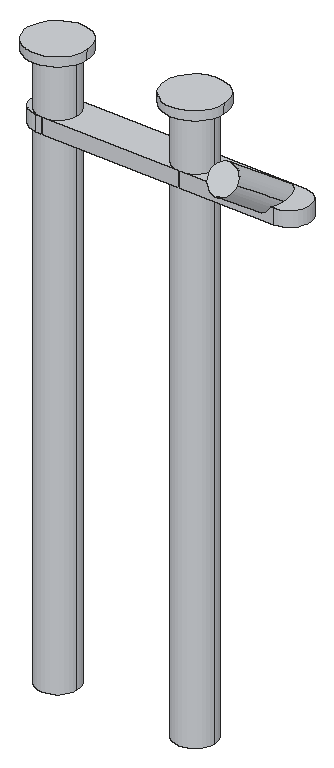
Revit family "Prier C-208", category Plumbing Fixtures, host Face, Revit 2012
Parameters (values of type "1" Inlet")
  Waste Connection = no
  Vent Connection = no
  URL = "http://www.prier.com/content/spec-sheets.html"
  Type Comments = ""
  Model = "C-208"
  Manufacturer = "Prier"
  Inlet Radius = Inlet Size / 2  # 0' - 0 1/2"
  Inlet Size = 1"
  Hydrant Length [instance] = 1' - 0"
  HW Connection = no
  Default Elevation = 2' - 0"
  Code Standards = "ASSE 1019, ASSE 1052, & CUPC"
  Code Listings = "ASSE. CUPC, & IAPMO"
  CW Connection = yes
Types (3): name | Inlet Radius | Inlet Size | HW Connection
  (no name) | 0' - 0 1/2" | 1" | no
  3/4" Outlet | 0' - 0 3/8" | 3/4" | yes
  1" Inlet | 0' - 0 1/2" | 1" | no
Reference planes (in)
  plane 1 "Center (Front/Back)": y = 0
  plane 2: z = 0
  plane 3 "Center (Left/Right)": x = 0
  plane 4 "Hydrant Length": z = -12
  plane 5 "End of Threads": z = -12.75
  plane 6: through (-0.7269, -102.5049, -145.84306) normal (0, -0.8235, 0.5674)
  plane 7: through (-0.7269, -102.5435, -145.81646) normal (0, -0.8235, 0.5674)
  plane 8: through (-0.7269, -102.5821, -145.78987) normal (0, -0.8235, 0.5674)
  plane 9: through (-0.7269, -102.6207, -145.76327) normal (0, -0.8235, 0.5674)
  plane 10: through (-0.7269, -102.6593, -145.73667) normal (0, -0.8235, 0.5674)
  plane 11: through (-0.7269, -102.6979, -145.71008) normal (0, -0.8235, 0.5674)
  plane 12: through (-0.7269, -102.7365, -145.68348) normal (0, -0.8235, 0.5674)
  plane 13: through (-0.7269, -102.7751, -145.65689) normal (0, -0.8235, 0.5674)
  plane 14: through (-0.7269, -102.8137, -145.63029) normal (0, -0.8235, 0.5674)
Forms (in)
  Extrusion 1, solid
    sketch origin (2, 0.48252, 1.73025) x (1, 0, 0) y (0, 0.567368, 0.823464)
      loop
        circle (0, -1.4819) r 0.375
    from -0.78007 to 1.5
  Extrusion 2, solid
    sketch origin (1.125, 0, -2.25) x (-1, 0, 0) y (0, -1, 0)
      loop
        circle (1.125, 0) r 0.5
      loop
        circle (4.625, 0) r 0.5
    from 3.97502 to -10.5
  Extrusion 3, solid
    sketch origin (-1.46281, 0.08771, -2.25) x (-1, 0, 0) y (0, -1, 0)
      loop
        arc (2.1825, -0.41229) -> (2.6825, 0.08771) -> (2.1825, 0.58771) r 0.5
        line (2.1825, 0.58771) -> (-3.88175, 0.58771)
        arc (-3.88175, 0.58771) -> (-4.38175, 0.08771) -> (-3.88175, -0.41229) r 0.5
        line (-3.88175, -0.41229) -> (2.1825, -0.41229)
    from 2.25 to 2.625
  Extrusion 4, solid
    sketch origin (1.125, 0, -2.25) x (-1, 0, 0) y (0, -1, 0)
      loop
        circle (1.125, 0) r 0.75
      loop
        circle (4.625, 0) r 0.75
    from 4.19688 to 3.97502
Lines and regions (in)
  symbolic lines, style "PlumbingFixtures", detail levels fine
    curve 1: line (-0.5, 0, 0) -> (-0.5, 0, -12.75)
    curve 2: line (-0.5, 0, -12.75) -> (0.5, 0, -12.75)
    curve 3: line (0.5, 0, -12.75) -> (0.5, 0, 0)
    curve 16: line (2.625, 0, 0) -> (2.625, 0, 0.375)
    curve 17: line (-4.4375, 0, 0) -> (-4.4375, 0, 0.375)
    curve 18: line (-4.4375, 0, 0.375) -> (2.625, 0, 0.375)
    curve 19: line (-4.4375, 0, 0) -> (2.625, 0, 0)
    curve 20: line (0.375, 0, 0.375) -> (0.375, 0, 1.72502)
    curve 21: line (-0.375, 0, 0.375) -> (-0.375, 0, 1.72502)
    curve 22: line (-0.375, 0, 1.72502) -> (0.375, 0, 1.72502)
    curve 23: line (2.375, 0, 0.375) -> (2.375, 0, 1.5)
    curve 24: line (1.625, 0, 0.375) -> (1.625, 0, 1.5)
    curve 25: line (1.625, 0, 0.375) -> (1.625, 0, 1.5)
    curve 26: line (2.375, 0, 0.375) -> (2.375, 0, 1.5)
    curve 27: line (2.375, 0, 1.5) -> (1.625, 0, 1.5)
    curve 28: line (-3.125, 0, 0.375) -> (-3.125, 0, 1.72502)
    curve 29: line (-3.875, 0, 0.375) -> (-3.875, 0, 1.72502)
    curve 30: line (-3.875, 0, 1.72502) -> (-3.125, 0, 1.72502)
    curve 31: line (-3.875, 0, 0) -> (-3.875, 0, -12.75)
    curve 32: line (-3.875, 0, -12.75) -> (-3.125, 0, -12.75)
    curve 33: line (-3.125, 0, -12.75) -> (-3.125, 0, 0)
    curve 39: line (0, 0.5, 1.94688) -> (0, 0.5, -12.75)
    curve 40: line (0, -0.5, 1.94688) -> (0, -0.5, -12.75)
    curve 41: line (0, 0.5, -12.75) -> (0, -0.5, -12.75)
    curve 42: line (0, 0.5, 1.94688) -> (0, -0.5, 1.94688)
    curve 46: line (0, -1.50569, 1.66981) -> (0, -0.5, 0.97689)
    curve 47: line (0, -1.93122, 1.05221) -> (0, -0.5, 0.0661)
  symbolic lines, detail levels coarse+medium
    curve 4: line (0, 0, 9.30462) -> (0, 0, 0)
    curve 5: line (-2.25, 0, 6.6875) -> (2.25, 0, 6.6875)
    curve 6: line (0, 0, -12.75) -> (0, 0, 0)
    curve 45: line (0, 0, -12.75) -> (-3.5, 0, -12.75)
  model lines, detail levels fine
    curve 7: circle (2, -1.24606, 1.12165) r 0.375 normal (0, -0.8235, 0.5674)
    curve 8: circle (2, -1.28466, 1.14825) r 0.375 normal (0, -0.8235, 0.5674)
    curve 9: circle (2, -1.32326, 1.17484) r 0.375 normal (0, -0.8235, 0.5674)
    curve 10: circle (2, -1.36186, 1.20144) r 0.375 normal (0, -0.8235, 0.5674)
    curve 11: circle (2, -1.40046, 1.22803) r 0.375 normal (0, -0.8235, 0.5674)
    curve 12: circle (2, -1.43906, 1.25463) r 0.375 normal (0, -0.8235, 0.5674)
    curve 13: circle (2, -1.47766, 1.28123) r 0.375 normal (0, -0.8235, 0.5674)
    curve 14: circle (2, -1.51626, 1.30782) r 0.375 normal (0, -0.8235, 0.5674)
    curve 15: circle (2, -1.55486, 1.33442) r 0.375 normal (0, -0.8235, 0.5674)
  symbolic lines, style "PlumbingFixtures", detail levels coarse+medium
    curve 34: line (0, 0, 0) -> (0, 0, 9.30469)
    curve 35: line (0, -2.25, 6.6875) -> (0, 2.25, 6.6875)
    curve 38: line (0, 0, 0) -> (0, 0, -12.75)
  symbolic lines, style "PlumbingFixtures", not visible, detail levels coarse+medium
    curve 36: line (0, 0, 0) -> (0, 0, 9.30469)
    curve 37: line (0, -2.25, 6.6875) -> (0, 2.25, 6.6875)
  symbolic lines, not visible, detail levels coarse+medium
    curve 43: line (0, 0, 9.30462) -> (0, 0, 0)
    curve 44: line (-2.25, 0, 6.6875) -> (2.25, 0, 6.6875)
Dimensions and locks (in)
  locked: plane 4 "Hydrant Length" to plane 5 "End of Threads" at 0.75
  "Hydrant Length": plane 2 to plane 4 "Hydrant Length"
  "Inlet Radius": curve 3 to curve 4
  "Inlet Radius": curve 1 to curve 4
  "Inlet Radius": curve 39 to curve 38
  "Inlet Radius": plane 1 "Center (Front/Back)" to curve 40
  "Inlet Radius": radius of Extrusion 2 sketch curve  (x2)
  aligned and locked: plane 2 to host face
  aligned and locked: level to host face
  aligned and locked: Extrusion 2 to plane 5 "End of Threads"
  aligned and locked: curve 2 to plane 5 "End of Threads"
  aligned and locked: plane 5 "End of Threads" to curve 6
  aligned and locked: plane 2 to curve 3
  aligned and locked: level to curve 16
  aligned and locked: plane 1 "Center (Front/Back)" to Extrusion 2 sketch curve  (x2)
  aligned and locked: level to Extrusion 3
  aligned and locked: Extrusion 3 to curve 16
  aligned and locked: Extrusion 2 to curve 20
  aligned and locked: plane 2 to curve 38
  aligned and locked: plane 5 "End of Threads" to curve 38
  aligned and locked: plane 5 "End of Threads" to curve 39
  aligned and locked: plane 5 "End of Threads" to curve 45
Automatic sketch dimensions
  host sketch curve to host sketch curve = 0' - 9.08111"
  host sketch curve to host sketch curve = 0' - 6.70795"
  plane 3 "Center (Left/Right)" to Extrusion 1 sketch curve = 0' - 2"
  plane 3 "Center (Left/Right)" to curve 7 = 0' - 2"
  plane 3 "Center (Left/Right)" to curve 8 = 0' - 2"
  plane 3 "Center (Left/Right)" to curve 9 = 0' - 2"
  plane 3 "Center (Left/Right)" to curve 10 = 0' - 2"
  plane 3 "Center (Left/Right)" to curve 11 = 0' - 2"
  plane 3 "Center (Left/Right)" to curve 12 = 0' - 2"
  plane 3 "Center (Left/Right)" to curve 13 = 0' - 2"
  plane 3 "Center (Left/Right)" to curve 14 = 0' - 2"
  plane 3 "Center (Left/Right)" to curve 15 = 0' - 2"
  Extrusion 3 sketch curve to plane 1 "Center (Front/Back)" = 0' - 0 1/2"
  plane 3 "Center (Left/Right)" to Extrusion 3 sketch curve = 0' - 2.41893"
  plane 1 "Center (Front/Back)" to Extrusion 3 sketch curve = 0' - 0 1/2"
  Extrusion 3 sketch curve to Extrusion 3 sketch curve = 0' - 6.06425"
  Extrusion 2 sketch curve to plane 3 "Center (Left/Right)" = 0' - 0"
  Extrusion 2 sketch curve to Extrusion 2 sketch curve = 0' - 3 1/2"
  plane 3 "Center (Left/Right)" to Extrusion 4 sketch curve = 0' - 0"
  Extrusion 4 sketch curve to plane 3 "Center (Left/Right)" = 0' - 3 1/2"
  Extrusion 4 sketch curve to plane 1 "Center (Front/Back)" = 0' - 0"  (x2)
  curve 4 to curve 5 = 0' - 2 1/4"
  curve 4 to curve 5 = 0' - 6 11/16"
  curve 5 to curve 4 = 0' - 2.61712"
  curve 5 to curve 4 = 0' - 2 1/4"
  curve 43 to curve 44 = 0' - 2 1/4"
  curve 43 to curve 44 = 0' - 6 11/16"
  curve 44 to curve 43 = 0' - 2.61712"
  curve 44 to curve 43 = 0' - 2 1/4"
  curve 32 to plane 5 "End of Threads" = 0' - 0"
  curve 6 to plane 3 "Center (Left/Right)" = 0' - 0"
  curve 22 to plane 3 "Center (Left/Right)" = 0' - 0 3/8"
  curve 28 to curve 21 = 0' - 2 3/4"
  curve 28 to curve 33 = 0' - 0"
  curve 45 to curve 32 = 0' - 0 3/8"
  curve 29 to curve 28 = 0' - 0 3/4"
  curve 29 to curve 31 = 0' - 0"
  curve 17 to curve 31 = 0' - 0 9/16"
  plane 3 "Center (Left/Right)" to curve 20 = 0' - 0 3/8"
  curve 20 to curve 24 = 0' - 1 1/4"
  curve 24 to curve 26 = 0' - 0 3/4"
  curve 23 to curve 18 = 0' - 0 1/4"
  curve 25 to curve 27 = 0' - 1 1/8"
  curve 29 to curve 29 = 0' - 1.35002"
  curve 38 to plane 1 "Center (Front/Back)" = 0' - 0"
  curve 46 to curve 40 = 0' - 1.00569"
  level to curve 47 = 0' - 0.0661"
  curve 47 to curve 46 = 0' - 0.42553"
  curve 47 to curve 46 = 0' - 0.91079"
  level to curve 47 = 0' - 1.05221"
  curve 47 to curve 46 = 0' - 0.6176"
  curve 46 to curve 42 = 0' - 0.97"
  radius of Extrusion 1 sketch curve = 0' - 0 3/8"
  radius of curve 7 = 0' - 0 3/8"
  radius of curve 8 = 0' - 0 3/8"
  radius of curve 9 = 0' - 0 3/8"
  radius of curve 10 = 0' - 0 3/8"
  radius of curve 11 = 0' - 0 3/8"
  radius of curve 12 = 0' - 0 3/8"
  radius of curve 13 = 0' - 0 3/8"
  radius of curve 14 = 0' - 0 3/8"
  radius of curve 15 = 0' - 0 3/8"
  radius of Extrusion 4 sketch curve = 0' - 0 3/4"  (x2)
Connectors (in)
  piping at (0, 0, -12.75), driven by "Inlet Radius"
    settings: on Extrusion 2, index 1, connector radius 1/2", flow factor 0, pipe flow 0 GPM, pressure drop 0.00 psi, fitting loss kfactor 0, connector angle 0.00°, fixture units 0, engagement length 0' - 0", flow configuration 0, flow direction 1, fitting loss method 0, system type 20, joint type 0, gender type 0, connector reference index -1, connector utility 0, adjustable connector no, is connector primary yes, fitting loss table "", connector description "Cold Water Inlet"
  piping at (-3.5, 0, -12.75), driven by "Inlet Radius"
    settings: on Extrusion 2, index 2, connector radius 1/2", flow factor 0, pipe flow 0 GPM, pressure drop 0.00 psi, fitting loss kfactor 0, connector angle 0.00°, fixture units 0, engagement length 0' - 0", flow configuration 0, flow direction 1, fitting loss method 0, system type 19, joint type 0, gender type 0, connector reference index -1, connector utility 0, adjustable connector no, is connector primary no, fitting loss table "", connector description "Hot Water Inlet"
